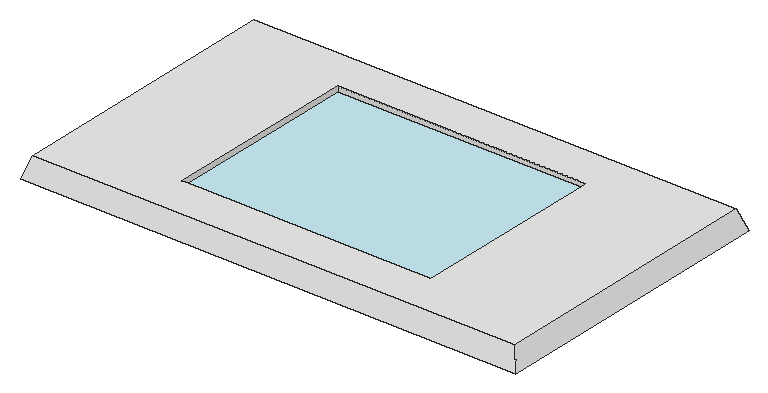
Revit family "MRXBOX-VSC", category Mechanical Equipment, Revit 2018
Family settings
  Round Connector Dimension = Use Diameter
  Part Type = Normal
  OmniClass Number = 23.75.00.00
  OmniClass Title = Climate Control (HVAC)
  Work Plane-Based = Yes
  Always vertical = No
  Cut with Voids When Loaded = No
  Shared = No
  Room Calculation Point = No
Parameters (values of type "MRXBOX-VSC")
  wall_offset [instance] = if(Surface Mounted, 45 mm, 16 mm)  # 16 mm
  Width = 145 mm
  Weight = 0.25 kg
  Unit Description = "Wall mounted LCD visual display control for all MRXBOX-ECO heat recovery units"
  Type Comments = Description  # "Wall mounted LCD visual display control for all MRXBOX-ECO heat recovery units"
  Revit Family Last Revised = "06/11/20"
  Surface Mounted [instance] = no
  Quote Reference [instance] = ""
  Project Reference [instance] = ""
  Order Reference [instance] = ""
  OmniClass Title = "Fans"
  OmniClass Number = "23-33 31 19"
  Nuaire Model Code = "MRXBOX-VSC"
  Manufacturer Name = "Nuaire"  # constant formula
  Location Reference [instance] = ""
  IFCExportAs = "IfcFanType"
  I&M Manual = "http://www.nuaire.info/IandM/671703.pdf"
  Height = 85 mm
  Model Drawn by = "Michael Grote"  # constant formula
  Maximum Ambient Temperature = 40 °C
  Depth [instance] = if(Surface Mounted, 35 mm, 6 mm)  # 6 mm
  Default Elevation = 1219.2 mm
  Classification.Uniclass.Pr.Number = "Pr_65_67_29"
  Classification.Uniclass.Pr.Description = "Fans"
  Catalogue Pages = ""
  URL = "http://www.nuaire.co.uk"
  Warranty Period = "1 Years"
  Weatherproof or Internal Only = "Internal"
  Manufacturer = Manufacturer Name  # "Nuaire"
  Description = Unit Description  # "Wall mounted LCD visual display control for all MRXBOX-ECO heat recovery units"
  Address = "Western Industrial Estate, Caerphilly, UK"  # constant formula
  Postcode = "CF83 1NA"  # constant formula
  Telephone Number = "+44(0)2920-858-200"  # constant formula
  Fax Number = "+44(0)2920-858-222"  # constant formula
  Email Address = "info@nuaire.co.uk"  # constant formula
  VAT Registration Number = "877308"  # constant formula
  Model = Nuaire Model Code  # "MRXBOX-VSC"
Reference planes
  plane 1 "Center (Front/Back)": y = 0
  plane 2: z = 0
  plane 3 "Center (Left/Right)": x = 0
  plane 4: z = 16
  plane 5: z = 10
  plane 6: z = -19
  plane 7: z = 14.5
Forms (mm)
  Blend 1, solid, material "White Plastic"
    base sketch origin (0, 0, 0) x (1, 0, 0) y (0, 1, 0)
      loop
        line (-72.5, 42.5) -> (-72.5, -42.5) -> (72.5, -42.5) -> (72.5, 42.5) -> (-72.5, 42.5)
    top sketch origin (0, 0, 0) x (1, 0, 0) y (0, 1, 0)
      loop
        line (-70.5, 40.5) -> (-70.5, -40.5) -> (70.5, -40.5) -> (70.5, 40.5) -> (-70.5, 40.5)
    from 10 to 16
  Extrusion 2, solid, material "White Plastic", visible <- "Surface Mounted"
    sketch origin (0, 0, 0) x (1, 0, 0) y (0, 1, 0)
      loop
        line (-72.5, 42.5) -> (-72.5, -42.5) -> (72.5, -42.5) -> (72.5, 42.5) -> (-72.5, 42.5)
    from -19 to 10
  Extrusion 3, void
    sketch origin (0, 0, 0) x (1, 0, 0) y (0, 1, 0)
      loop
        line (-36.5, 28.5) -> (-36.5, -28.5) -> (36.5, -28.5) -> (36.5, 28.5) -> (-36.5, 28.5)
    from 14.5 to 16
Cuts and joins
  Extrusion 3 cuts Blend 1
  Extrusion 3 cuts Extrusion 2
Dimensions and locks
  locked: plane 4 to plane 6 at 35
  locked: plane 4 to plane 5 at 6
  "wall_offset": plane 4 to plane 2
  locked: plane 4 to plane 7 at 1.5
  aligned and locked: level to plane 2
  aligned and locked: Blend 1 to plane 5
  aligned and locked: plane 4 to Blend 1
  aligned and locked: Extrusion 2 to plane 6
  aligned and locked: plane 5 to Extrusion 2
  aligned and locked: Extrusion 3 to plane 7
  aligned and locked: plane 4 to Extrusion 3
Automatic sketch dimensions
  Blend 1 sketch curve to plane 1 "Center (Front/Back)" = 42.5 mm
  Blend 1 sketch curve to plane 1 "Center (Front/Back)" = 40.5 mm
  Extrusion 2 sketch curve to plane 1 "Center (Front/Back)" = 42.5 mm
  plane 3 "Center (Left/Right)" to Blend 1 sketch curve = 72.5 mm
  plane 3 "Center (Left/Right)" to Blend 1 sketch curve = 70.5 mm
  plane 3 "Center (Left/Right)" to Extrusion 2 sketch curve = 72.5 mm
  Blend 1 sketch curve to plane 3 "Center (Left/Right)" = 72.5 mm
  Blend 1 sketch curve to plane 3 "Center (Left/Right)" = 70.5 mm
  Extrusion 2 sketch curve to plane 3 "Center (Left/Right)" = 72.5 mm
  plane 1 "Center (Front/Back)" to Blend 1 sketch curve = 42.5 mm
  plane 1 "Center (Front/Back)" to Blend 1 sketch curve = 40.5 mm
  plane 1 "Center (Front/Back)" to Extrusion 2 sketch curve = 42.5 mm
  Extrusion 3 sketch curve to plane 1 "Center (Front/Back)" = 28.5 mm
  plane 3 "Center (Left/Right)" to Extrusion 3 sketch curve = 36.5 mm
  Extrusion 3 sketch curve to plane 3 "Center (Left/Right)" = 36.5 mm
  plane 1 "Center (Front/Back)" to Extrusion 3 sketch curve = 28.5 mm
